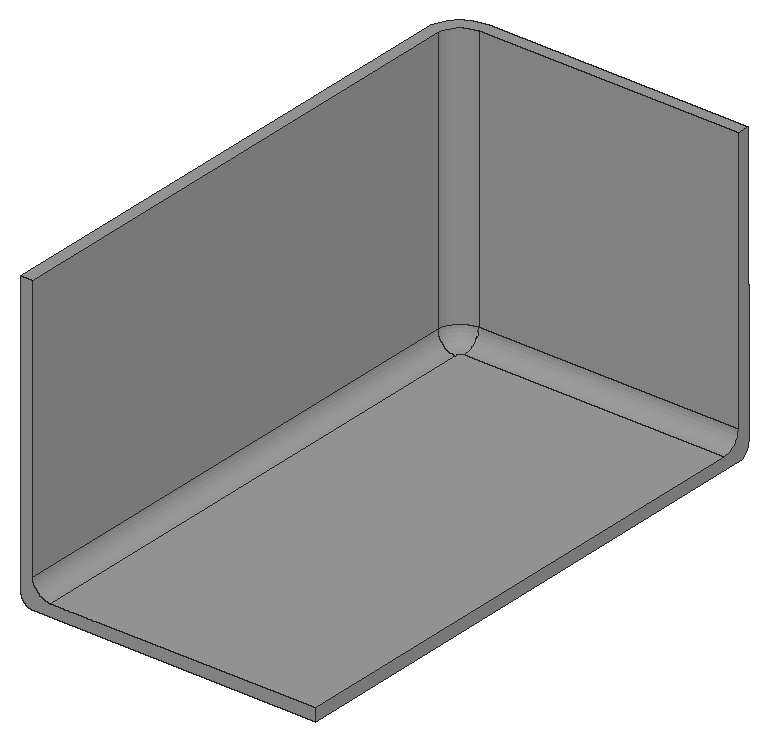
Revit family "Roofing-Aquaknight-Corner_Flashing_MF-Grey", category Plumbing Fixtures, Revit 2016
Family settings
  Part Type = Normal
  Round Connector Dimension = Use Diameter
  OmniClass Number = 23.60.30.11
  OmniClass Title = Pipework Products for General Use
  Work Plane-Based = No
  Always vertical = No
  Cut with Voids When Loaded = No
  Shared = No
  Room Calculation Point = No
Parameters (values of type "Grey")
  Waste Connection = yes
  Vent Connection = no
  URL = "www.aquaknight.co.nz/"
  Phone = "+6498322214"  # constant formula
  Model = "2100.116"
  Material = Aquanight-Grey
  Manufacturer = "Aquaknight Industries Ltd"  # constant formula
  HW Connection = no
  Email = "info@aquaknight.co.nz"  # constant formula
  Description = "Corner Flashing MF - Grey"
  CW Connection = no
Reference planes
  plane 1 "Center (Front/Back)": y = 0
  plane 2: z = 0
  plane 3 "Center (Left/Right)": x = 0
  plane 4: y = 77
  plane 5: y = -77
  plane 6: x = 42
  plane 7: x = -42
  plane 8: z = 84
Forms (mm)
  Extrusion 1, solid, material "Aquanight-Grey" <- "Material"
    sketch origin (-516.03, -77, 1200) x (-1, 0, 0) y (0, 0, 1)
      loop
        line (-558.03, -1200) -> (-478.03, -1200)
        arc (-478.03, -1200) -> (-475.201, -1198.828) -> (-474.03, -1196) r 4
        line (-474.03, -1196) -> (-474.03, -1116) -> (-477.53, -1116) -> (-477.53, -1191.5)
        arc (-477.53, -1191.5) -> (-478.994, -1195.036) -> (-482.53, -1196.5) r 5
        line (-482.53, -1196.5) -> (-558.03, -1196.5) -> (-558.03, -1200)
    from 0 to 144
  Extrusion 2, solid, material "Aquanight-Grey" <- "Material"
    sketch origin (42, 1188.869, 1200) x (0, 1, 0) y (0, 0, 1)
      loop
        line (-1111.869, -1196) -> (-1111.869, -1116) -> (-1115.369, -1116) -> (-1115.369, -1191.5)
        arc (-1115.369, -1191.5) -> (-1116.833, -1195.036) -> (-1120.369, -1196.5) r 5
        line (-1120.369, -1196.5) -> (-1121.869, -1196.5) -> (-1121.869, -1200) -> (-1115.869, -1200)
        arc (-1115.869, -1200) -> (-1113.041, -1198.828) -> (-1111.869, -1196) r 4
    from 0 to -74
  Revolve 3, solid, material "Aquanight-Grey" <- "Material"
    sketch origin (-516.03, 67, 1200) x (-1, 0, 0) y (0, 0, 1)
      loop
        line (-477.53, -1116) -> (-477.53, -1191.5)
        arc (-477.53, -1191.5) -> (-478.994, -1195.036) -> (-482.53, -1196.5) r 5
        line (-482.53, -1196.5) -> (-484.03, -1196.5) -> (-484.03, -1200) -> (-478.03, -1200)
        arc (-478.03, -1200) -> (-475.201, -1198.828) -> (-474.03, -1196) r 4
        line (-474.03, -1196) -> (-474.03, -1116) -> (-477.53, -1116)
      axis (-484.03, -1200) -> (-484.03, -1116)
    angle from -90 to 0
Cuts and joins
  joined: Extrusion 1, Extrusion 2, Revolve 3
Dimensions and locks
  equal spacing: plane 5, plane 1 "Center (Front/Back)", plane 4
  plane 5 to plane 4 = 154 mm
  equal spacing: plane 7, plane 3 "Center (Left/Right)", plane 6
  plane 7 to plane 6 = 84 mm
  plane 8 to level = 84 mm
  locked: Extrusion 1 to plane 4 at 10
  aligned and locked: level to plane 2
  aligned and locked: Extrusion 2 sketch curve to plane 2
  aligned and locked: plane 8 to Extrusion 2 sketch curve
  aligned and locked: Extrusion 2 sketch curve to plane 4
  aligned and locked: Revolve 3 sketch curve to Extrusion 1  (x3)
Automatic sketch dimensions
  Extrusion 1 sketch curve to level = 0 mm
  Extrusion 1 sketch curve to plane 6 = 0 mm
  Extrusion 1 sketch curve to plane 8 = 0 mm
  Extrusion 1 sketch curve to plane 7 = 0 mm
  plane 7 to Extrusion 1 sketch curve = 8.5 mm
  Extrusion 1 sketch curve to Extrusion 1 sketch curve = 4 mm
  plane 7 to Extrusion 1 sketch curve = 3.5 mm
  level to Extrusion 1 sketch curve = 3.5 mm
  Extrusion 2 sketch curve to Extrusion 2 sketch curve = 3.5 mm
  Extrusion 2 sketch curve to Extrusion 2 sketch curve = 4 mm
  Extrusion 2 sketch curve to Extrusion 2 sketch curve = 5 mm
  Extrusion 2 sketch curve to Extrusion 2 sketch curve = 1.5 mm
  level to Extrusion 2 sketch curve = 3.5 mm
  Revolve 3 sketch curve to Extrusion 1 = 0 mm
  Revolve 3 sketch curve to Revolve 3 sketch curve = 1.5 mm
